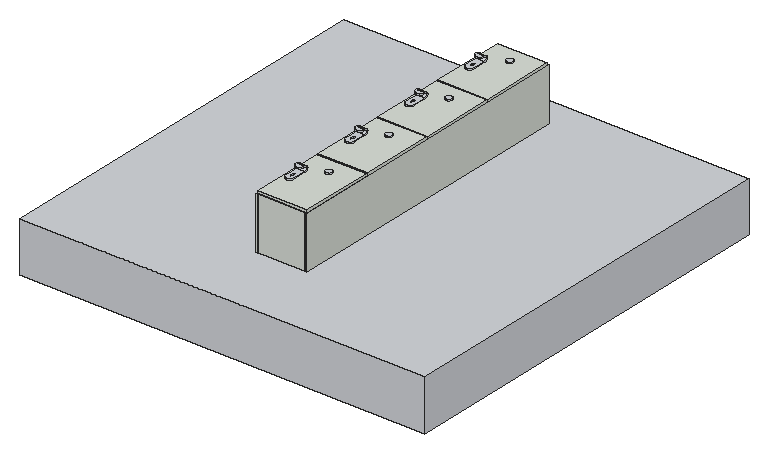
Revit family
Parameters (values of type "4 Tier Locker - 12.375"")
  Width = 12"
  Waste Connection = no
  WFU = 0
  Vent Connection = no
  URL = "www.spectrumlockers.com"
  Type Comments = ""
  Top/Bottom Panel Thickness = 1/2"
  Side Panel Thickness = 3/8"
  Shelf Thickness = 1/2"
  Price = "Prices may vary. Please consult Manufacturer Representative for most up-to-date price list."  # constant formula
  Phone Number = "416-250-5656"  # constant formula
  Omniclass Table 23 Title = "Lockers"  # constant formula
  Omniclass Table 23 Code = "23.40.20.11.17"  # constant formula
  Nominal Height = 29 1/8"
  Model = "4 Tier Locker - 12.375\""
  Material = Athlon-Spectrum-White-E0.00 CR
  Masterformat Title = "Phenolic Lockers"  # constant formula
  Masterformat Number = "10 51 29"  # constant formula
  Manufacturer = "Spectrum"
  Length = 12 3/8"
  Installation Type = "Wall Mounted"
  Height = 71 3/4"
  HWFU = 0
  HW Connection = no
  Description = "4 Tier Locker"
  Default Elevation = 0"
  Creation Date = "10/1/2014"  # constant formula
  Created By = "Allied Technical Services"  # constant formula
  CWFU = 0
  CW Connection = no
  Assembly Code = "E2020200"
  ATS URL = "http://www.atsspec.net"
Types (5): name | Model | Length
  (no name) | "4 Tier Locker - 12.375\"" | 12 3/8"
  4 Tier Locker - 12.375" | "4 Tier Locker - 12.375\"" | 12 3/8"
  4 Tier Locker - 15.375" | "4 Tier Locker - 15.375\"" | 15 3/8"
  4 Tier Locker - 20.375" | "4 Tier Locker - 20.375\"" | 20 3/8"
  4 Tier Locker - 24.375" | "4 Tier Locker - 24.375\"" | 24 3/8"
Reference planes (in)
  plane 1 "Center (Front/Back)": y = 0
  plane 2: z = 0
  plane 3 "Center (Left/Right)": x = 0
  plane 4: x = 5.625
  plane 5: x = 6
  plane 6: y = 71.75
  plane 7: y = 71.25
  plane 8: y = 0.5
  plane 9: x = -5.625
  plane 10: x = -6
  plane 11: z = 12.375
  plane 12: z = 12.875
  plane 13: z = 0.375
  plane 14: y = 17.8125
  plane 15: y = 18.3125
  plane 16: y = 18.0625
  plane 17: y = 0.25
  plane 18: y = 71.5
  plane 19: y = 35.875
  plane 20: y = 35.625
  plane 21: y = 36.125
  plane 22: y = 53.6875
  plane 23: y = 53.4375
  plane 24: y = 53.9375
  plane 25: y = 60.28125
  plane 26: y = 42.59668
  plane 27: y = 24.78125
  plane 28: y = 62.59375
  plane 29: y = 44.78125
  plane 30: y = 26.96875
  plane 31: y = 9.15625
  plane 32: y = 6.96875
  plane 33: x = -5.42497
  plane 34: x = -3.42497
  plane 35: y = 67.75
  plane 36: y = 49.6875
  plane 37: y = 31.875
  plane 38: y = 14.0625
  plane 39: z = 13
Forms (in)
  Extrusion 1, solid
    sketch origin (0, 0, 0) x (1, 0, 0) y (0, 1, 0)
      loop
        line (-48, 78.52725) -> (-48, -17.47275) -> (48, -17.47275) -> (48, 78.52725) -> (-48, 78.52725)
    from 0 to -12
  Extrusion 2, solid, material "Athlon-Spectrum-White-E0.00 CR" <- "Material"
    sketch origin (0, 0, 0) x (1, 0, 0) y (0, 0, 1)
      loop
        line (-5.625, 12.375) -> (-5.625, 0) -> (5.625, 0) -> (5.625, 12.375) -> (-5.625, 12.375)
    from -71.75 to -71.25
  Extrusion 3, solid, material "Athlon-Spectrum-White-E0.00 CR" <- "Material"
    sketch origin (0, -59.25, 0) x (1, 0, 0) y (0, 0, 1)
      loop
        line (-5.625, 12.375) -> (-5.625, 0) -> (5.625, 0) -> (5.625, 12.375) -> (-5.625, 12.375)
    from -59.75 to -59.25
  Extrusion 4, solid, material "Athlon-Spectrum-White-E0.00 CR" <- "Material"
    sketch origin (0, 0, 0) x (0, 1, 0) y (0, 0, 1)
      loop
        line (71.75, 12.375) -> (0, 12.375) -> (0, 0) -> (71.75, 0) -> (71.75, 12.375)
    from -6 to -5.625
  Extrusion 5, solid, material "Athlon-Spectrum-White-E0.00 CR" <- "Material"
    sketch origin (0, 0, 0) x (0, 1, 0) y (0, 0, -1)
      loop
        line (71.75, -12.375) -> (71.75, 0) -> (0, 0) -> (0, -12.375) -> (71.75, -12.375)
    from -6 to -5.625
  Extrusion 6, solid, material "Athlon-Spectrum-White-E0.00 CR" <- "Material"
    sketch origin (0, 0, 0) x (1, 0, 0) y (0, 0, 1)
      loop
        line (-5.625, 0.375) -> (-5.625, 0) -> (5.625, 0) -> (5.625, 0.375) -> (-5.625, 0.375)
    from -71.25 to -0.5
  Extrusion 7, solid, material "Athlon-Spectrum-White-E0.00 CR" <- "Material"
    sketch origin (0, 0, 0) x (1, 0, 0) y (0, 1, 0)
      loop
        line (-5.875, 17.9375) -> (-5.875, 0.25) -> (5.875, 0.25) -> (5.875, 17.9375) -> (-5.875, 17.9375)
    from 12.375 to 12.875
  Extrusion 8, solid, material "Athlon-Spectrum-White-E0.00 CR" <- "Material"
    sketch origin (0, 23.75, 0) x (1, 0, 0) y (0, 0, 1)
      loop
        line (-5.625, 12.375) -> (-5.625, 0.375) -> (5.625, 0.375) -> (5.625, 12.375) -> (-5.625, 12.375)
    from -12.375 to -11.875
  Extrusion 9, solid, material "Athlon-Spectrum-White-E0.00 CR" <- "Material"
    sketch origin (0, 0, 0) x (1, 0, 0) y (0, 0, 1)
      loop
        line (-5.625, 12.375) -> (-5.625, 0.375) -> (5.625, 0.375) -> (5.625, 12.375) -> (-5.625, 12.375)
    from -18.3125 to -17.8125
  Extrusion 10, solid, material "Athlon-Spectrum-White-E0.00 CR" <- "Material"
    sketch origin (0, 23.75, 0) x (1, 0, 0) y (0, 1, 0)
      loop
        line (-5.875, 12) -> (-5.875, -5.5625) -> (5.875, -5.5625) -> (5.875, 12) -> (-5.875, 12)
    from 12.375 to 12.875
  Extrusion 11, solid, material "Athlon-Spectrum-White-E0.00 CR" <- "Material"
    sketch origin (0, 47.5, 0) x (1, 0, 0) y (0, 1, 0)
      loop
        line (-5.875, 24) -> (-5.875, 6.3125) -> (5.875, 6.3125) -> (5.875, 24) -> (-5.875, 24)
    from 12.375 to 12.875
  Extrusion 12, solid, material "Athlon-Spectrum-White-E0.00 CR" <- "Material"
    sketch origin (0, 41.125, 0) x (1, 0, 0) y (0, 0, 1)
      loop
        line (-5.625, 12.375) -> (-5.625, 0.375) -> (5.625, 0.375) -> (5.625, 12.375) -> (-5.625, 12.375)
    from -12.8125 to -12.3125
  Extrusion 13, solid, material "Athlon-Spectrum-White-E0.00 CR" <- "Material"
    sketch origin (0, 29.69335, 0) x (1, 0, 0) y (0, 1, 0)
      loop
        line (-5.875, 23.86915) -> (-5.875, 6.3125) -> (5.875, 6.3125) -> (5.875, 23.86915) -> (-5.875, 23.86915)
    from 12.375 to 12.875
  Extrusion 14, solid
    sketch origin (0, 25.43439, 0) x (0, 1, 0) y (0, 0, 1)
      loop
        line (39.22186, 14.125) -> (37.15936, 14.125) -> (37.15936, 14) -> (39.22186, 14)
        arc (39.22186, 14) -> (39.72186, 13.5) -> (39.22186, 13) r 0.5
        line (39.22186, 13) -> (34.84686, 13) -> (34.84686, 12.875) -> (39.22186, 12.875)
        arc (39.22186, 12.875) -> (39.84686, 13.5) -> (39.22186, 14.125) r 0.625
      loop
        line (21.53728, 14.125) -> (19.34686, 14.125) -> (19.34686, 14) -> (21.53728, 14)
        arc (21.53728, 14) -> (22.03728, 13.5) -> (21.53728, 13) r 0.5
        line (21.53728, 13) -> (17.16228, 13) -> (17.16228, 12.875) -> (21.53728, 12.875)
        arc (21.53728, 12.875) -> (22.16228, 13.5) -> (21.53728, 14.125) r 0.625
      loop
        line (3.72186, 14.125) -> (1.53436, 14.125) -> (1.53436, 14) -> (3.72186, 14)
        arc (3.72186, 14) -> (4.22186, 13.5) -> (3.72186, 13) r 0.5
        line (3.72186, 13) -> (-0.65314, 13) -> (-0.65314, 12.875) -> (3.72186, 12.875)
        arc (3.72186, 12.875) -> (4.34686, 13.5) -> (3.72186, 14.125) r 0.625
      loop
        line (-14.09064, 14.125) -> (-16.27814, 14.125) -> (-16.27814, 14) -> (-14.09064, 14)
        arc (-14.09064, 14) -> (-13.59064, 13.5) -> (-14.09064, 13) r 0.5
        line (-14.09064, 13) -> (-18.46564, 13) -> (-18.46564, 12.875) -> (-14.09064, 12.875)
        arc (-14.09064, 12.875) -> (-13.46564, 13.5) -> (-14.09064, 14.125) r 0.625
    from -5.42497 to -3.42497
  Extrusion 15, void
    sketch origin (0, 19.90237, 2.81696) x (1, 0, 0) y (0, 1, 0)
      loop
        line (-5.42497, 44.50879) -> (-5.42497, 42.69138) -> (-3.42497, 42.69138) -> (-3.42497, 44.50879)
        arc (-3.42497, 44.50879) -> (-4.42497, 43.50879) -> (-5.42497, 44.50879) r 1
      loop
        line (-5.42497, 26.69629) -> (-5.42497, 24.87888) -> (-3.42497, 24.87888) -> (-3.42497, 26.69629)
        arc (-3.42497, 26.69629) -> (-4.42497, 25.69629) -> (-5.42497, 26.69629) r 1
      loop
        line (-5.42497, 8.88379) -> (-5.42497, 7.06638) -> (-3.42497, 7.06638) -> (-3.42497, 8.88379)
        arc (-3.42497, 8.88379) -> (-4.42497, 7.88379) -> (-5.42497, 8.88379) r 1
      loop
        line (-5.42497, -8.92871) -> (-5.42497, -10.74612) -> (-3.42497, -10.74612) -> (-3.42497, -8.92871)
        arc (-3.42497, -8.92871) -> (-4.42497, -9.92871) -> (-5.42497, -8.92871) r 1
    from 10.18304 to 11.30804
  Extrusion 16, void
    sketch origin (0, 21.37128, -9.05402) x (1, 0, 0) y (0, 1, 0)
      loop
        line (-5.42497, 40.09927) -> (-5.42497, 38.90997) -> (-3.42497, 38.90997) -> (-3.42497, 40.09927)
        arc (-3.42497, 40.09927) -> (-4.42497, 39.09927) -> (-5.42497, 40.09927) r 1
      loop
        arc (-4.17497, 41.15997) -> (-4.42497, 41.40997) -> (-4.67497, 41.15997) r 0.25
        line (-4.67497, 41.15997) -> (-4.67497, 40.68669)
        arc (-4.67497, 40.68669) -> (-4.42497, 40.43669) -> (-4.17497, 40.68669) r 0.25
        line (-4.17497, 40.68669) -> (-4.17497, 41.15997)
      loop
        line (-5.42497, 22.28677) -> (-5.42497, 21.09747) -> (-3.42497, 21.09747) -> (-3.42497, 22.28677)
        arc (-3.42497, 22.28677) -> (-4.42497, 21.28677) -> (-5.42497, 22.28677) r 1
      loop
        arc (-4.17497, 23.34747) -> (-4.42497, 23.59747) -> (-4.67497, 23.34747) r 0.25
        line (-4.67497, 23.34747) -> (-4.67497, 22.87419)
        arc (-4.67497, 22.87419) -> (-4.42497, 22.62419) -> (-4.17497, 22.87419) r 0.25
        line (-4.17497, 22.87419) -> (-4.17497, 23.34747)
      loop
        line (-5.42497, 4.47427) -> (-5.42497, 3.28497) -> (-3.42497, 3.28497) -> (-3.42497, 4.47427)
        arc (-3.42497, 4.47427) -> (-4.42497, 3.47427) -> (-5.42497, 4.47427) r 1
      loop
        arc (-4.17497, 5.53497) -> (-4.42497, 5.78497) -> (-4.67497, 5.53497) r 0.25
        line (-4.67497, 5.53497) -> (-4.67497, 5.06169)
        arc (-4.67497, 5.06169) -> (-4.42497, 4.81169) -> (-4.17497, 5.06169) r 0.25
        line (-4.17497, 5.06169) -> (-4.17497, 5.53497)
      loop
        line (-5.42497, -13.33823) -> (-5.42497, -14.52753) -> (-3.42497, -14.52753) -> (-3.42497, -13.33823)
        arc (-3.42497, -13.33823) -> (-4.42497, -14.33823) -> (-5.42497, -13.33823) r 1
      loop
        arc (-4.17497, -12.27753) -> (-4.42497, -12.02753) -> (-4.67497, -12.27753) r 0.25
        line (-4.67497, -12.27753) -> (-4.67497, -12.75081)
        arc (-4.67497, -12.75081) -> (-4.42497, -13.00081) -> (-4.17497, -12.75081) r 0.25
        line (-4.17497, -12.75081) -> (-4.17497, -12.27753)
    from 21.92902 to 23.17902
  Extrusion 17, solid
    sketch origin (0, 0, 0) x (1, 0, 0) y (0, 1, 0)
      loop
        circle (0, 67.75) r 0.75
      loop
        circle (0, 49.6875) r 0.75
      loop
        circle (0, 31.875) r 0.75
      loop
        circle (0, 14.0625) r 0.75
    from 12.875 to 13
Cuts and joins
  Extrusion 15, Extrusion 16 cuts Extrusion 14
  Extrusion 16 cuts Extrusion 7
  Extrusion 16 cuts Extrusion 10
  Extrusion 16 cuts Extrusion 11
  Extrusion 16 cuts Extrusion 13
Lines and regions (in)
  Masking region 1
    outline origin (0, 0, 0) x (1, 0, 0) y (0, 1, 0)
      loop
        line (-6, 71.75) -> (-6, 0) -> (6, 0) -> (6, 71.75) -> (-6, 71.75)
  Masking region 2
    outline origin (0, 0, 0) x (0, 1, 0) y (0, 0, 1)
      loop
        line (71.75, 0) -> (71.75, 12.375) -> (71.5, 12.375) -> (71.5, 12.875) -> (53.8125, 12.875) -> (53.8125, 12.375) -> (53.5625, 12.375) -> (53.5625, 12.875) -> (36.00585, 12.875) -> (36.00585, 12.375) -> (35.75, 12.375) -> (35.75, 12.875) -> (18.1875, 12.875) -> (18.1875, 12.375) -> (17.9375, 12.375) -> (17.9375, 12.875) -> (0.25, 12.875) -> (0.25, 12.375) -> (0, 12.375) -> (0, 0) -> (71.75, 0)
  Masking region 3
    outline origin (0, 0, 0) x (1, 0, 0) y (0, 0, 1)
      loop
        line (6, 12.375) -> (5.875, 12.375) -> (5.875, 12.875) -> (-5.875, 12.875) -> (-5.875, 12.375) -> (-6, 12.375) -> (-6, 0) -> (6, 0) -> (6, 12.375)
  symbolic lines, detail levels medium+fine
    curve 1: line (0, 71.5, 12.375) -> (0, 53.8125, 12.375)
    curve 2: line (0, 17.9375, 12.375) -> (0, 0.25, 12.375)
    curve 3: line (5.875, 0, 12.375) -> (-5.875, 0, 12.375)
    curve 4: line (5.625, 0, 12.375) -> (5.625, 0, 0)
    curve 5: line (-5.625, 0, 0) -> (-5.625, 0, 12.375)
    curve 6: line (0, 35.75, 12.375) -> (0, 18.1875, 12.375)
    curve 7: line (-5.875, 71.5, 0) -> (-5.875, 53.8125, 0)
    curve 8: line (5.875, 71.5, 0) -> (-5.875, 71.5, 0)
    curve 9: line (5.875, 53.8125, 0) -> (5.875, 71.5, 0)
    curve 10: line (-5.875, 53.8125, 0) -> (5.875, 53.8125, 0)
    curve 11: line (5.875, 53.5625, 0) -> (-5.875, 53.5625, 0)
    curve 12: line (-5.875, 53.5625, 0) -> (-5.875, 36.00585, 0)
    curve 13: line (5.875, 36.00585, 0) -> (5.875, 53.5625, 0)
    curve 14: line (-5.875, 36.00585, 0) -> (5.875, 36.00585, 0)
    curve 15: line (5.875, 35.75, 0) -> (-5.875, 35.75, 0)
    curve 16: line (5.875, 18.1875, 0) -> (5.875, 35.75, 0)
    curve 17: line (-5.875, 35.75, 0) -> (-5.875, 18.1875, 0)
    curve 18: line (-5.875, 18.1875, 0) -> (5.875, 18.1875, 0)
    curve 19: line (5.875, 17.9375, 0) -> (-5.875, 17.9375, 0)
    curve 20: line (5.875, 0.25, 0) -> (5.875, 17.9375, 0)
    curve 21: line (-5.875, 17.9375, 0) -> (-5.875, 0.25, 0)
    curve 22: line (-5.875, 0.25, 0) -> (5.875, 0.25, 0)
    curve 23: line (0, 53.5625, 12.375) -> (0, 36.00585, 12.375)
    curve 24: circle (0, 67.75, 0) r 0.75 normal (0, 0, 1)
    curve 25: circle (0, 49.6875, 0) r 0.75 normal (0, 0, 1)
    curve 26: circle (0, 31.875, 0) r 0.75 normal (0, 0, 1)
    curve 27: circle (0, 14.0625, 0) r 0.75 normal (0, 0, 1)
Dimensions and locks (in)
  "Side Panel Thickness": plane 13 to Extrusion 1
  locked: plane 12 to plane 11 at 0.5
  "Top/Bottom Panel Thickness": plane 6 to plane 7
  "Top/Bottom Panel Thickness": plane 8 to plane 1 "Center (Front/Back)"
  locked: plane 14 to Extrusion 7 sketch curve at 0.125
  "Length": plane 11 to Extrusion 1
  "Shelf Thickness": plane 15 to plane 14
  "Side Panel Thickness": plane 10 to plane 9
  "Side Panel Thickness": plane 4 to plane 5
  "Width": plane 10 to plane 5
  equal spacing: plane 10, plane 3 "Center (Left/Right)", plane 5
  "Height": plane 6 to plane 1 "Center (Front/Back)"
  locked: plane 15 to plane 16 at 0.25
  locked: Extrusion 7 sketch curve to Extrusion 4 at 0.25
  locked: plane 8 to Extrusion 7 sketch curve at 0.25
  locked: Extrusion 5 to Extrusion 7 sketch curve at 0.25
  locked: plane 17 to plane 1 "Center (Front/Back)" at 0.25
  locked: plane 6 to plane 18 at 0.25
  "Shelf Thickness": plane 21 to plane 20
  locked: plane 21 to plane 19 at 0.25
  Extrusion 11 sketch curve to Extrusion 4 = 1/4"
  Extrusion 5 to Extrusion 11 sketch curve = 1/4"
  Extrusion 11 sketch curve to plane 21 = 17 11/16"
  locked: plane 15 to Extrusion 10 sketch curve at 0.125
  locked: plane 20 to Extrusion 10 sketch curve at 0.125
  "Shelf Thickness": plane 24 to plane 23
  locked: plane 24 to plane 22 at 0.25
  locked: Extrusion 12 to Extrusion 11 sketch curve at 0.125
  equal spacing: plane 18, plane 22, plane 19, plane 16, plane 17
  plane 14 to plane 8 = 17 5/16"
  locked: Extrusion 12 to Extrusion 13 sketch curve at 0.125
  locked: Extrusion 8 to Extrusion 13 sketch curve at 0.11915
  locked: Extrusion 14 sketch curve to Extrusion 14 sketch curve at 0.125  (x4)
  locked: Extrusion 14 sketch curve to plane 25 at 4.375
  locked: Extrusion 14 sketch curve to plane 26 at 4.375
  locked: Extrusion 14 sketch curve to plane 27 at 4.375
  equal spacing: plane 18, plane 28, plane 22
  equal spacing: plane 22, plane 29, plane 19
  equal spacing: plane 19, plane 30, plane 16
  equal spacing: plane 16, plane 31, plane 17
  locked: Extrusion 14 sketch curve to plane 32 at 4.375
  locked: Extrusion 14 sketch curve to plane 12 at 1.25
  locked: plane 28 to plane 25 at 2.3125
  locked: plane 29 to plane 26 at 2.18457
  locked: plane 30 to plane 27 at 2.1875
  locked: plane 31 to plane 32 at 2.1875
  locked: plane 10 to plane 34 at 2.57503
  locked: plane 33 to plane 34 at 2
  locked: plane 28 to Extrusion 16 sketch curve at 2.3125
  locked: Extrusion 16 sketch curve to plane 29 at 2.3125
  locked: plane 30 to Extrusion 16 sketch curve at 2.3125
  locked: Extrusion 16 sketch curve to plane 31 at 2.3125
  locked: plane 16 to plane 38 at 4
  locked: plane 19 to plane 37 at 4
  locked: plane 22 to plane 36 at 4
  locked: plane 6 to plane 35 at 4
  locked: plane 39 to plane 12 at 0.125
  aligned and locked: plane 2 to Extrusion 1
  aligned and locked: level to Extrusion 1
  aligned and locked: plane 6 to Extrusion 2
  aligned and locked: Extrusion 2 to plane 7
  aligned and locked: plane 8 to Extrusion 3
  aligned and locked: plane 1 "Center (Front/Back)" to Extrusion 3
  aligned and locked: Extrusion 4 to plane 10
  aligned and locked: plane 9 to Extrusion 4
  aligned and locked: Extrusion 5 to plane 4
  aligned and locked: Extrusion 5 to plane 5
  aligned and locked: plane 7 to Extrusion 6
  aligned and locked: Extrusion 6 to plane 8
  aligned and locked: plane 12 to Extrusion 7
  aligned and locked: Extrusion 7 to plane 11
  aligned and locked: plane 6 to Extrusion 4 sketch curve
  aligned and locked: plane 11 to Extrusion 4 sketch curve
  aligned and locked: Extrusion 4 sketch curve to level
  aligned and locked: plane 1 "Center (Front/Back)" to Extrusion 4 sketch curve
  aligned and locked: Extrusion 5 sketch curve to plane 6
  aligned and locked: Extrusion 5 sketch curve to plane 11
  aligned and locked: Extrusion 5 sketch curve to plane 1 "Center (Front/Back)"
  aligned and locked: level to Extrusion 5 sketch curve
  aligned and locked: plane 11 to Extrusion 3
  aligned and locked: plane 11 to Extrusion 2
  aligned and locked: plane 9 to Extrusion 3 sketch curve
  aligned and locked: level to Extrusion 3 sketch curve
  aligned and locked: plane 4 to Extrusion 3 sketch curve
  aligned and locked: plane 9 to Extrusion 2 sketch curve
  aligned and locked: level to Extrusion 2 sketch curve
  aligned and locked: plane 4 to Extrusion 2 sketch curve
  aligned and locked: Extrusion 2 sketch curve to plane 11
  aligned and locked: plane 10 to Masking region 1 sketch curve
  aligned and locked: Masking region 1 sketch curve to plane 6
  aligned and locked: Masking region 1 sketch curve to Extrusion 5  (x2)
  aligned and locked: plane 12 to Masking region 2 sketch curve  (x2)
  aligned and locked: plane 11 to Masking region 2 sketch curve  (x3)
  aligned and locked: plane 1 "Center (Front/Back)" to Masking region 2 sketch curve
  aligned and locked: Masking region 2 sketch curve to level
  aligned and locked: plane 6 to Masking region 2 sketch curve
  aligned and locked: Masking region 2 sketch curve to Extrusion 7  (x2)
  aligned and locked: plane 5 to Masking region 3 sketch curve
  aligned and locked: Masking region 3 sketch curve to Extrusion 4  (x2)
  aligned and locked: plane 11 to Masking region 3 sketch curve  (x2)
  aligned and locked: Masking region 3 sketch curve to Extrusion 7  (x2)
  aligned and locked: plane 12 to Masking region 3 sketch curve
  aligned and locked: curve 4 to Extrusion 5
  aligned and locked: curve 5 to Extrusion 4
  aligned and locked: Extrusion 8 to plane 20
  aligned and locked: plane 21 to Extrusion 8
  aligned and locked: Extrusion 8 to plane 9
  aligned and locked: Extrusion 8 to plane 4
  aligned and locked: plane 15 to Extrusion 9
  aligned and locked: Extrusion 9 to plane 14
  aligned and locked: Extrusion 9 to plane 9
  aligned and locked: Extrusion 9 to plane 4
  aligned and locked: Extrusion 11 sketch curve to plane 18
  aligned and locked: Masking region 2 to curve 1  (x2)
  aligned: Extrusion 11 to Masking region 2
  aligned and locked: Extrusion 7 to Extrusion 10
  aligned and locked: Extrusion 10 to Masking region 2 sketch curve
  aligned and locked: Extrusion 4 to Masking region 2 sketch curve  (x2)
  aligned and locked: curve 6 to Masking region 2
  aligned and locked: Extrusion 12 to plane 23
  aligned and locked: plane 24 to Extrusion 12
  aligned and locked: Extrusion 13 sketch curve to Extrusion 11  (x2)
  aligned and locked: curve 7 to Extrusion 11
  aligned and locked: curve 8 to Extrusion 11
  aligned and locked: curve 9 to Extrusion 11
  aligned and locked: curve 10 to Extrusion 11
  aligned and locked: curve 11 to Extrusion 13
  aligned and locked: curve 12 to Extrusion 13
  aligned and locked: curve 13 to Extrusion 13
  aligned and locked: curve 14 to Extrusion 13
  aligned and locked: curve 19 to Extrusion 7
  aligned and locked: curve 20 to Extrusion 7
  aligned and locked: curve 21 to Extrusion 7
  aligned and locked: curve 22 to Extrusion 7
  aligned and locked: Extrusion 11 to Masking region 2 sketch curve
  aligned and locked: Masking region 2 sketch curve to Extrusion 13
  aligned and locked: Masking region 2 sketch curve to Masking region 2 sketch curve  (x2)
  aligned and locked: Extrusion 13 to Masking region 2 sketch curve
  aligned and locked: Extrusion 14 sketch curve to plane 25
  aligned: Extrusion 15 to Extrusion 14
  aligned: Extrusion 14 to Extrusion 15
  aligned and locked: Extrusion 14 sketch curve to plane 26
  aligned and locked: Extrusion 14 sketch curve to plane 27
  aligned and locked: Extrusion 14 sketch curve to plane 32
  aligned and locked: Extrusion 15 to cut or joined group of Extrusion 14, Extrusion 15, Extrusion 16  (x2)
  aligned and locked: Extrusion 14 sketch curve to plane 12  (x4)
  aligned and locked: Extrusion 16 to cut or joined group of Extrusion 14, Extrusion 15, Extrusion 16
  aligned and locked: Extrusion 16 to plane 12
  aligned and locked: Extrusion 14 sketch curve to plane 28
  aligned and locked: plane 29 to Extrusion 14 sketch curve
  aligned and locked: Extrusion 14 sketch curve to plane 30
  aligned and locked: plane 31 to Extrusion 14 sketch curve
  aligned and locked: plane 34 to Extrusion 14
  aligned and locked: cut or joined group of Extrusion 14, Extrusion 15, Extrusion 16 to plane 33
  aligned and locked: Extrusion 15 sketch curve to plane 34  (x4)
  aligned and locked: plane 33 to Extrusion 15 sketch curve  (x4)
  aligned and locked: cut or joined group of Extrusion 13, Extrusion 16 to Extrusion 11
  aligned and locked: cut or joined group of Extrusion 11, Extrusion 16 to plane 11
  aligned and locked: cut or joined group of Extrusion 13, Extrusion 16 to plane 11
  aligned and locked: plane 12 to cut or joined group of Extrusion 11, Extrusion 16
  aligned and locked: plane 35 to Extrusion 17 sketch curve
  aligned and locked: plane 3 "Center (Left/Right)" to Extrusion 17 sketch curve  (x4)
  aligned: Extrusion 17 to plane 11
  aligned and locked: plane 39 to Extrusion 17
  aligned and locked: Extrusion 17 to plane 12
  aligned and locked: plane 38 to Extrusion 17 sketch curve
  aligned and locked: plane 37 to Extrusion 17 sketch curve
  aligned and locked: plane 36 to Extrusion 17 sketch curve
  aligned and locked: cut or joined group of Extrusion 10, Extrusion 16 to plane 11
  aligned and locked: curve 24 to Extrusion 17
  aligned and locked: curve 25 to Extrusion 17
  aligned and locked: curve 26 to Extrusion 17
  aligned and locked: curve 27 to Extrusion 17
Automatic sketch dimensions
  Extrusion 1 sketch curve to Extrusion 1 sketch curve = 96"  (x2)
  curve 2 to plane 11 = 0"
  curve 2 to plane 17 = 0"
  curve 6 to plane 11 = 0"
  curve 23 to plane 11 = 0"
  curve 1 to plane 11 = 0"
  plane 14 to curve 2 = 1/8"
  curve 6 to plane 15 = 1/8"
  curve 23 to plane 21 = 0.11915"
  curve 23 to plane 22 = 1/8"
  curve 3 to plane 11 = 0"
  curve 4 to level = 0"
  curve 5 to level = 0"
  plane 10 to curve 3 = 1/8"
  plane 5 to curve 3 = 1/8"
  Extrusion 3 sketch curve to plane 11 = 0"
  Extrusion 6 sketch curve to level = 0"
  Extrusion 6 sketch curve to plane 9 = 0"
  plane 4 to Extrusion 6 sketch curve = 0"
  Extrusion 6 sketch curve to plane 13 = 0"
  Masking region 2 sketch curve to plane 18 = 0"
  Masking region 2 sketch curve to plane 15 = 1/8"
  Extrusion 8 sketch curve to plane 9 = 0"
  plane 4 to Extrusion 8 sketch curve = 0"
  Extrusion 8 sketch curve to plane 13 = 0"
  Extrusion 8 sketch curve to plane 11 = 0"
  Extrusion 9 sketch curve to plane 9 = 0"
  plane 4 to Extrusion 9 sketch curve = 0"
  Extrusion 9 sketch curve to plane 13 = 0"
  Extrusion 9 sketch curve to plane 11 = 0"
  plane 10 to Extrusion 10 sketch curve = 1/8"
  plane 5 to Extrusion 10 sketch curve = 1/8"
  Extrusion 12 sketch curve to plane 9 = 0"
  plane 4 to Extrusion 12 sketch curve = 0"
  Extrusion 12 sketch curve to plane 13 = 0"
  Extrusion 12 sketch curve to plane 11 = 0"
  Extrusion 14 sketch curve to Extrusion 14 sketch curve = 0"  (x8)
  Extrusion 14 sketch curve to Extrusion 14 sketch curve = 1/2"  (x3)
  Extrusion 15 sketch curve to plane 33 = 0"  (x4)
  Extrusion 15 sketch curve to plane 28 = 0"
  Extrusion 15 sketch curve to plane 34 = 0"  (x4)
  plane 31 to Extrusion 15 sketch curve = 0"
  Extrusion 15 sketch curve to plane 30 = 0"
  plane 29 to Extrusion 15 sketch curve = 0"
  Extrusion 15 sketch curve to Extrusion 15 sketch curve = 1.81741"  (x5)
  Extrusion 15 sketch curve to Extrusion 15 sketch curve = 0"  (x4)
  plane 30 to Extrusion 15 sketch curve = 1.81741"
  plane 28 to Extrusion 15 sketch curve = 1.81741"  (x2)
  Extrusion 16 sketch curve to plane 33 = 0"  (x8)
  Extrusion 16 sketch curve to plane 34 = 0"  (x8)
  Extrusion 16 sketch curve to Extrusion 16 sketch curve = 1/4"  (x7)
  plane 31 to Extrusion 16 sketch curve = 1/16"
  plane 33 to Extrusion 16 sketch curve = 3/4"
  plane 29 to Extrusion 16 sketch curve = 1/16"
  Extrusion 16 sketch curve to plane 28 = 1/16"
  Extrusion 16 sketch curve to Extrusion 16 sketch curve = 0.47328"  (x3)
  Extrusion 16 sketch curve to Extrusion 16 sketch curve = 0.58742"
  Extrusion 16 sketch curve to Extrusion 16 sketch curve = 0"  (x5)
  Extrusion 16 sketch curve to plane 30 = 1.1232"  (x2)
  Extrusion 16 sketch curve to plane 30 = 0.53578"
  Extrusion 16 sketch curve to plane 30 = 1/16"
  plane 29 to Extrusion 16 sketch curve = 1.1232"  (x2)
  Extrusion 16 sketch curve to plane 28 = 1.1232"  (x2)
  plane 10 to curve 15 = 1/8"
  plane 5 to curve 16 = 1/8"
  curve 18 to plane 15 = 1/8"
  curve 16 to plane 19 = 1/8"
  radius of Extrusion 17 sketch curve = 3/4"  (x4)
